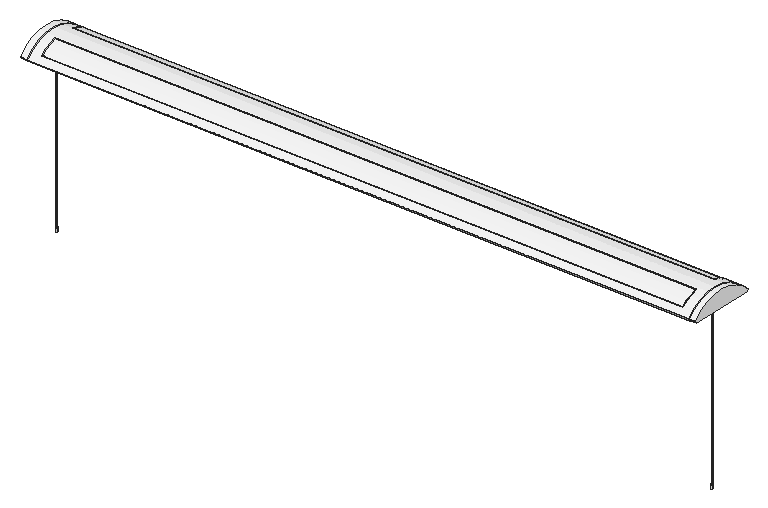
Revit family "Arcos-P-I", category Lighting Fixtures, host Face, Revit 2014
Parameters (values of type "Arcos-P-I-08")
  Wattage = 39 W
  Warranty = "5-Years Warranty"
  built-in parameter 1150110 = 1 (stored number, unit not read)
  Voltage = 120 V
  Type Comments = "Lighting Fixture"  # constant formula
  built-in parameter 1114217 = 1 (stored number, unit not read)
  Tilt Angle = -90.00°
  built-in parameter 1150109 = 1 (stored number, unit not read)
  built-in parameter 1150134 = (empty or 0)
  built-in parameter 1150113 = 1 (stored number, unit not read)
  Product Page URL = "https://www.hubbell.com/litecontrol/en/Products/Lighting-Controls/Commercial-Indoor-Lighting/Pendant-Lighting/Arcos-Pendant-Indirect/p/277624"
  Product Documentation Link = "https://hubbellcdn.com/specsheet/59_p_i.pdf"
  Power Factor = 1
  Photometric Web File = "59-P-I-04-SGL-Cx-1T5HO.ies"
  Photometric Notes = "More IES files download on Photometric Link"  # constant formula
  Photometric Link = "https://www.hubbell.com/litecontrol/en/Products/Lighting-Controls/Commercial-Indoor-Lighting/Pendant-Lighting/Arcos-Pendant-Indirect/p/277624"
  Pendant Height [instance] = 2' - 0"
  zz Length 1 = 8' - 0"
  Wattage Comments = ""
  URL = "https://www.hubbell.com/litecontrol/en/"
  Mounting = "Pendant"  # constant formula
  Model = "Arcos Pendant Indirect"  # constant formula
  Manufacturer = "Litecontrol Lighting"  # constant formula
  built-in parameter 1150105 = 369.32 (stored number, unit not read)
  Lumens = 4641 lm
  built-in parameter 1150115 = 1 (stored number, unit not read)
  Load Classification = Lighting
  built-in parameter 1150137 = (empty or 0)
  built-in parameter 1150139 = (empty or 0)
  built-in parameter 1150112 = 1 (stored number, unit not read)
  built-in parameter 1150114 = 1 (stored number, unit not read)
  Lamp = "Fluorescent"  # constant formula
  built-in parameter 1150132 = (empty or 0)
  built-in parameter 1150102 = (empty or 0)
  built-in parameter 1150107 = 3500 (stored number, unit not read)
  built-in parameter 1150138 = (empty or 0)
  built-in parameter 1150106 = 3.6932 (stored number, unit not read)
  Glass = Glass - Hubbell - Perforated
  Fixture Distribution = "Indirect"  # constant formula
  Emit from Rectangle Width = zz Length 1 - 0' 2"  # 7' - 10"
  Emit from Rectangle Length = 0' - 4"  # constant formula
  Emit Shape Visible in Rendering = no
  built-in parameter 1150104 = 11.055 (stored number, unit not read)
  Dimming Lamp Color Temperature Shift = <None>
  Description = "Arcos Perf is an indirect fixture with a classic curve  clean, simple, efficient. A superior optical system with T5, T5HO, and T8 lamping options provides flexibility for a wide variety of architectural space requirements."  # constant formula
  Default Elevation = 4' - 0"
  Create Date = "05/16/2018"  # constant formula
  Copyright = "Copyright © 2017 Litecontrol"  # constant formula
  Contact Us = "https://www.hubbell.com/litecontrol/en/contactUs"
  Color Filter = 16777215
  built-in parameter 1114218 = 1 (stored number, unit not read)
  Housing Material = Paint - Hubbell - Matte White
  built-in parameter 1150133 = 10 (stored number, unit not read)
  Assembly Code = "D5020210"
  Apparent Load = 0 VA
Types (3): name | zz Length 1 | Emit from Rectangle Width
  (no name) | 8' - 0" | 7' - 10"
  Arcos-P-I-04 | 4' - 0" | 3' - 10"
  Arcos-P-I-08 | 8' - 0" | 7' - 10"
Reference planes (in)
  plane 1 "Center (Front/Back)": y = 13.01342
  plane 2: z = 0
  plane 3 "Center (Left/Right)": x = 0
  plane 4: z = 24
  plane 5: x = -48
  plane 6: x = 48
  plane 7: x = -47.5625
  plane 8: x = 47.5625
  plane 9: z = 0.5
  plane 10: z = 24.5
Forms (in)
  Revolve 1, solid, material "Paint - Hubbell - Matte White" <- "Housing Material"
    sketch origin (-5.75, 13.01342, 0) x (-1, 0, 0) y (0, 0, 1)
      loop
        line (-53.3125, 24.5) -> (-53.3125, 0) -> (-53.1875, 0) -> (-53.1875, 0.5) -> (-53.25, 0.5) -> (-53.25, 23.5) -> (-53.1875, 23.5) -> (-53.1875, 24.5) -> (-53.3125, 24.5)
      axis (-53.3125, 24.5) -> (-53.3125, 0)
    angle from 0 to 360
  Revolve 2, solid, material "Paint - Hubbell - Matte White" <- "Housing Material"
    sketch origin (5.75, 13.01342, 0) x (1, 0, 0) y (0, 0, 1)
      loop
        line (-53.3125, 24.5) -> (-53.3125, 0) -> (-53.1875, 0) -> (-53.1875, 0.5) -> (-53.25, 0.5) -> (-53.25, 23.5) -> (-53.1875, 23.5) -> (-53.1875, 24.5) -> (-53.3125, 24.5)
      axis (-53.3125, 24.5) -> (-53.3125, 0)
    angle from 0 to 360
Dimensions and locks (in)
  "Pendant Height": plane 4 to level
  equal spacing: plane 6, plane 3 "Center (Left/Right)", plane 5
  "zz Length 1": plane 6 to plane 5
  locked: plane 9 to plane 2 at 0.5
  locked: plane 7 to plane 5 at 0.4375
  locked: plane 6 to plane 8 at 0.4375
  locked: plane 10 to plane 4 at 0.5
  aligned and locked: plane 2 to host face
  aligned and locked: level to host face
  aligned and locked: Revolve 1 sketch curve to Revolve 1 sketch curve
  aligned and locked: Revolve 1 sketch curve to plane 8
  aligned and locked: Revolve 1 sketch curve to level
  aligned and locked: plane 3 "Center (Left/Right)" to nested 1
  aligned and locked: plane 1 "Center (Front/Back)" to nested 1
  aligned and locked: Revolve 2 sketch curve to Revolve 2 sketch curve
  aligned and locked: plane 9 to Revolve 2
  aligned and locked: Revolve 1 to plane 9
  aligned and locked: plane 10 to imposter light
  aligned and locked: plane 3 "Center (Left/Right)" to imposter light
  aligned and locked: plane 1 "Center (Front/Back)" to imposter light
  aligned and locked: Revolve 2 sketch curve to plane 10
  aligned and locked: plane 10 to Revolve 1 sketch curve
Automatic sketch dimensions
  host sketch curve to host sketch curve = 8' - 0"  (x2)
  Revolve 2 sketch curve to plane 7 = 0' - 0"
  plane 9 to Revolve 2 sketch curve = 0' - 0"
  Revolve 2 sketch curve to level = 0' - 0"
  plane 7 to Revolve 2 sketch curve = 0' - 0 1/16"
  plane 7 to Revolve 2 sketch curve = 0' - 0 1/8"
  Revolve 2 sketch curve to Revolve 2 sketch curve = 0' - 0 1/16"
  plane 9 to Revolve 2 sketch curve = 0' - 0.66777"
  Revolve 2 sketch curve to Revolve 2 sketch curve = 0' - 9.83778"
  Revolve 2 sketch curve to plane 4 = 0' - 0 1/2"
  Revolve 1 sketch curve to plane 8 = 0' - 0"
  Revolve 1 sketch curve to plane 9 = 0' - 0"
  plane 8 to Revolve 1 sketch curve = 0' - 0 1/16"
  plane 8 to Revolve 1 sketch curve = 0' - 0 1/8"
  Revolve 1 sketch curve to Revolve 1 sketch curve = 0' - 0 1/16"
  plane 4 to Revolve 1 sketch curve = 0' - 0 1/2"
  Revolve 1 sketch curve to plane 9 = 0' - 0.66777"
  Revolve 1 sketch curve to Revolve 1 sketch curve = 0' - 9.83778"
Nested families (in)
  nested 1: "13L-P" at (-0.01104, 12.97343, 24), Glass <- "Glass", Backbox <- "Housing Material", Length <- "zz Length 1", type "13L-P"
    with Length 8' - 0", Glass Glass - Hubbell - Perforated, Backbox Paint - Hubbell - Matte White
Connectors (in)
  electrical at (0, 13.01342, 24), driven by "Load Classification", driven by "Voltage", driven by "Apparent Load", driven by "Power Factor"
    settings: on nested 1, index 1, voltage 120 V, apparent load 0 VA, apparent load phase1 0 VA, apparent load phase2 0 VA, apparent load phase3 0 VA, power factor 1, load classification "Lighting", number of poles 1, system type 30, power factor state 1, is connector primary yes, connector utility no, sub classification motor no, connector description "Èlectrical Connector"
Definition of nested family "13L-P"
  Parameters (values of type "13L-P")
    Wattage Comments = ""
    URL = ""
    Model = ""
    Manufacturer = ""
    Length [instance] = 4' - 0"
    Lamp = ""
    Glass [instance] = none
    Description = ""
    Default Elevation = 4' - 0"
    Backbox [instance] = none
    Apparent Load = 0 VA
  Reference planes (in)
    plane 1 "Center (Front/Back)": y = 0.03999
    plane 2: z = 0
    plane 3 "Center (Left/Right)": x = 0.01104
    plane 4: x = -24.98896
    plane 5: x = 25.01104
    plane 6: y = -4.74001
    plane 7: y = 4.81999
    plane 8: x = -22.48896
    plane 9: x = 22.51104
    plane 10: y = 2.53999
    plane 11: y = -2.46001
    plane 12: z = 2.375
    plane 13: x = -23.98896
    plane 14: x = 24.01104
  Forms (in)
    Extrusion 1, solid
      sketch origin (0, 0, 0.06357) x (1, 0, 0) y (0, 1, 0)
        loop
          line (-48, 48) -> (-48, -48) -> (48, -48) -> (48, 48) -> (-48, 48)
      from -0.06357 to -12.81105
    Extrusion 2, solid, material <- "Backbox"
      sketch origin (-23.48896, -180, 28.85133) x (0, 0, 1) y (0, -1, 0)
        loop
          arc (-28.56914, -184.81999) -> (-26.47633, -180.03999) -> (-28.56914, -175.25999) r 6.5052
          line (-28.56914, -175.25999) -> (-28.85133, -175.44215) -> (-28.85133, -184.63784) -> (-28.56914, -184.81999)
      from 47.5 to -0.5
    Extrusion 3, solid, material <- "Backbox"
      sketch origin (0.01104, 0, 0) x (0, 1, 0) y (0, 0, 1)
        loop
          line (4.63784, 0) -> (4.81999, 0.28219)
          arc (4.81999, 0.28219) -> (0.03999, 2.375) -> (-4.74001, 0.28219) r 6.5052
          line (-4.74001, 0.28219) -> (-4.55785, 0) -> (4.63784, 0)
      from -25 to -24
    Extrusion 4, solid, material <- "Glass"
      sketch origin (0.01104, 0, 0) x (0, 1, 0) y (0, 0, 1)
        loop
          arc (4.03903, 0.96094) -> (2.88385, 1.68568) -> (1.60249, 2.15236) r 6.47395
          line (1.60249, 2.15236) -> (1.60249, 2.02348)
          arc (1.60249, 2.02348) -> (2.84796, 1.56405) -> (3.97067, 0.85567) r 6.34895
          line (3.97067, 0.85567) -> (4.03903, 0.96094)
        loop
          line (-1.52251, 2.02348) -> (-1.52251, 2.15236)
          arc (-1.52251, 2.15236) -> (-2.80387, 1.68568) -> (-3.95905, 0.96094) r 6.47395
          line (-3.95905, 0.96094) -> (-3.89069, 0.85567)
          arc (-3.89069, 0.85567) -> (-2.76798, 1.56405) -> (-1.52251, 2.02348) r 6.34895
      from -22.5 to 22.5
    Extrusion 5, solid, material <- "Backbox"
      sketch origin (0.01104, 0, 0) x (0, 1, 0) y (0, 0, -1)
        loop
          line (4.63784, 0) -> (-4.55785, 0) -> (-4.74001, -0.28219)
          arc (-4.74001, -0.28219) -> (0.03999, -2.375) -> (4.81999, -0.28219) r 6.5052
          line (4.81999, -0.28219) -> (4.63784, 0)
      from -25 to -24
    Extrusion 6, void
      sketch origin (0.01104, 0, 0) x (0, 1, 0) y (0, 0, 1)
        loop
          line (3.41499, 0) -> (4.41345, 1.53749)
          arc (4.41345, 1.53749) -> (3.10374, 2.47465) -> (1.60249, 3.0576) r 6.44079
          line (1.60249, 3.0576) -> (1.60249, 1) -> (-1.52251, 1) -> (-1.52251, 3.0576)
          arc (-1.52251, 3.0576) -> (-3.02376, 2.47465) -> (-4.33347, 1.53749) r 6.44079
          line (-4.33347, 1.53749) -> (-3.33501, 0) -> (3.41499, 0)
      from -22.5 to 22.5
  Cuts and joins
    Extrusion 6 cuts Extrusion 2
  Dimensions and locks (in)
    plane 6 to plane 7 = 0' - 9.56"
    plane 6 to plane 1 "Center (Front/Back)" = 0' - 4.78"
    equal spacing: plane 7, plane 1 "Center (Front/Back)", plane 6
    equal spacing: plane 10, plane 1 "Center (Front/Back)", plane 11
    plane 12 to plane 2 = 0' - 2 3/8"
    "Length": plane 13 to plane 14
    equal spacing: plane 13, plane 3 "Center (Left/Right)", plane 14
    locked: plane 4 to plane 13 at 1
    locked: plane 14 to plane 5 at 1
    locked: plane 13 to plane 8 at 1.5
    locked: plane 9 to plane 14 at 1.5
    aligned and locked: plane 2 to Extrusion 1
    aligned and locked: Extrusion 4 to plane 8
    aligned and locked: plane 9 to Extrusion 4
    aligned and locked: Extrusion 3 to plane 4
    aligned and locked: plane 14 to Extrusion 5
    aligned and locked: plane 5 to Extrusion 5
    aligned and locked: Extrusion 6 to plane 8
    aligned and locked: plane 9 to Extrusion 6
    aligned and locked: cut or joined group of Extrusion 2, Extrusion 6 to plane 14
    aligned and locked: plane 13 to Extrusion 3
    aligned and locked: cut or joined group of Extrusion 2, Extrusion 6 to plane 13
  Automatic sketch dimensions
    Extrusion 1 sketch curve to Extrusion 1 sketch curve = 8' - 0"  (x2)
    Extrusion 2 sketch curve to plane 1 "Center (Front/Back)" = 0' - 0"
    Extrusion 2 sketch curve to level = 0' - 0"
    Extrusion 2 sketch curve to plane 6 = 0' - 0"
    Extrusion 2 sketch curve to plane 7 = 0' - 0"
    Extrusion 2 sketch curve to level = 0' - 4.1302"
    level to Extrusion 2 sketch curve = 0' - 0.28219"
    Extrusion 2 sketch curve to plane 7 = 0' - 0.18216"
    Extrusion 2 sketch curve to plane 6 = 0' - 0.18216"
    Extrusion 3 sketch curve to plane 6 = 0' - 0"
    Extrusion 3 sketch curve to level = 0' - 0"
    Extrusion 3 sketch curve to plane 1 "Center (Front/Back)" = 0' - 0"
    Extrusion 3 sketch curve to plane 7 = 0' - 0"
    Extrusion 3 sketch curve to plane 6 = 0' - 0.18216"
    Extrusion 3 sketch curve to plane 7 = 0' - 0.18216"
    Extrusion 3 sketch curve to level = 0' - 4.1302"
    level to Extrusion 3 sketch curve = 0' - 0.28219"
    Extrusion 5 sketch curve to plane 6 = 0' - 0"
    Extrusion 5 sketch curve to level = 0' - 0"
    Extrusion 5 sketch curve to plane 1 "Center (Front/Back)" = 0' - 0"
    Extrusion 5 sketch curve to plane 7 = 0' - 0"
    Extrusion 5 sketch curve to plane 6 = 0' - 0.18216"
    Extrusion 5 sketch curve to plane 7 = 0' - 0.18216"
    level to Extrusion 5 sketch curve = 0' - 0.28219"
    Extrusion 5 sketch curve to level = 0' - 4.1302"
    Extrusion 6 sketch curve to Extrusion 6 sketch curve = 0' - 0"  (x2)
    Extrusion 6 sketch curve to plane 1 "Center (Front/Back)" = 0' - 0"
    Extrusion 6 sketch curve to level = 0' - 0"
    Extrusion 6 sketch curve to plane 6 = 0' - 0.40654"
    plane 10 to Extrusion 6 sketch curve = 0' - 0 7/8"
    Extrusion 6 sketch curve to plane 7 = 0' - 0.40654"
    Extrusion 6 sketch curve to level = 0' - 3.19079"
    Extrusion 6 sketch curve to plane 12 = 0' - 0.83751"  (x2)
    Extrusion 6 sketch curve to plane 11 = 0' - 0 15/16"
    Extrusion 6 sketch curve to plane 10 = 0' - 0 15/16"
    plane 11 to Extrusion 6 sketch curve = 0' - 0 7/8"
    level to Extrusion 6 sketch curve = 0' - 1"
    Extrusion 4 sketch curve to Extrusion 4 sketch curve = 0' - 0"  (x6)
    level to Extrusion 4 sketch curve = 0' - 0.85567"  (x2)
    Extrusion 4 sketch curve to plane 1 "Center (Front/Back)" = 0' - 0"
    Extrusion 4 sketch curve to plane 6 = 0' - 0.78096"
    Extrusion 4 sketch curve to plane 6 = 0' - 0.84932"
    Extrusion 4 sketch curve to plane 10 = 0' - 0 15/16"
    Extrusion 4 sketch curve to plane 7 = 0' - 0.84932"
    Extrusion 4 sketch curve to plane 7 = 0' - 0.78096"
    Extrusion 4 sketch curve to Extrusion 4 sketch curve = 0' - 0.10527"  (x2)
    Extrusion 4 sketch curve to plane 12 = 0' - 0.22264"  (x2)
